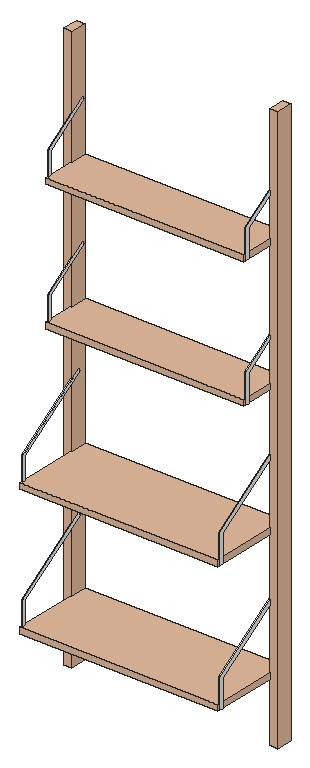
Revit family "SVALNAS1", category Furniture, Revit 2019
Family settings
  OmniClass Number = 23.40.20.00
  OmniClass Title = General Furniture and Specialties
  Work Plane-Based = No
  Always vertical = Yes
  Cut with Voids When Loaded = No
  Shared = No
  Room Calculation Point = No
Parameters
  www.revitwatch.com = ""
  Thikness = 18 mm
  Length = 660 mm
  L1 = 610 mm
  Height = 1760 mm
  H4 = 1400 mm
  H3 = 1000 mm
  H2 = 600 mm
  H1 = 200 mm
  Depth = 250 mm
  D = 150 mm
Reference planes
  plane 1 "Center (Front/Back)": y = 0
  plane 2: z = 0
  plane 3 "Center (Left/Right)": x = 0
  plane 4: x = -330
  plane 5: x = 330
  plane 6: y = -125
  plane 7: y = 125
  plane 8: z = 1760
  plane 9: z = 1400
  plane 10: z = 1000
  plane 11: z = 600
  plane 12: z = 200
  plane 13: y = 75
  plane 14: z = 1382
  plane 15: z = 982
  plane 16: z = 582
  plane 17: z = 182
  plane 18: y = -25
  plane 19: x = 305
  plane 20: x = -305
Forms (mm)
  Sweep 1, solid, material "Birch - Solid Natural Low Gloss"
    path origin (0, 0, 0) x (1, 0, 0) y (0, 0, 1)
      loop
        line (0, 1400) -> (0, 1382)
    profile origin (0, 0, 1391) x (0, -1, 0) y (1, 0, 0)
      loop
        line (-125, -305) -> (25, -305) -> (25, 305) -> (-125, 305) -> (-125, -305)
  Sweep 2, solid, material "Birch - Solid Natural Low Gloss"
    path origin (0, 0, 0) x (1, 0, 0) y (0, 0, 1)
      loop
        line (0, 1000) -> (0, 982)
    profile origin (0, 0, 991) x (0, -1, 0) y (1, 0, 0)
      loop
        line (-125, -305) -> (25, -305) -> (25, 305) -> (-125, 305) -> (-125, -305)
  Sweep 3, solid, material "Birch - Solid Natural Low Gloss"
    path origin (0, 0, 0) x (1, 0, 0) y (0, 0, 1)
      loop
        line (0, 600) -> (0, 582)
    profile origin (0, 0, 591) x (0, -1, 0) y (1, 0, 0)
      loop
        line (-125, -305) -> (125, -305) -> (125, 305) -> (-125, 305) -> (-125, -305)
  Sweep 4, solid, material "Birch - Solid Natural Low Gloss"
    path origin (0, 0, -200) x (1, 0, 0) y (0, 0, 1)
      loop
        line (0, 400) -> (0, 382)
    profile origin (0, 0, 191) x (0, -1, 0) y (1, 0, 0)
      loop
        line (-125, -305) -> (125, -305) -> (125, 305) -> (-125, 305) -> (-125, -305)
Dimensions and locks
  equal spacing: plane 6, plane 1 "Center (Front/Back)", plane 7
  equal spacing: plane 4, plane 3 "Center (Left/Right)", plane 5
  "Length": plane 4 to plane 5
  "Depth": plane 6 to plane 7
  "Height": plane 8 to level
  plane 7 to plane 13 = 50 mm
  "Thikness": plane 12 to plane 17
  "Thikness": plane 11 to plane 16
  "Thikness": plane 10 to plane 15
  "Thikness": plane 9 to plane 14
  "H1": plane 12 to level
  "H2": plane 11 to level
  "H3": plane 10 to level
  "H4": plane 9 to level
  "D": plane 7 to plane 18
  locked: plane 4 to plane 20 at 25
  locked: plane 19 to plane 5 at 25
  aligned and locked: level to plane 2
  aligned and locked: nested 1 to plane 7
  aligned and locked: nested 1 to plane 4
  aligned and locked: nested 2 to plane 7
  aligned and locked: plane 5 to nested 2
  aligned and locked: Sweep 1 sketch curve to plane 3 "Center (Left/Right)"
  aligned and locked: plane 9 to Sweep 1 sketch curve
  aligned and locked: plane 14 to Sweep 1 sketch curve
  aligned and locked: plane 7 to Sweep 1 sketch curve
  aligned and locked: Sweep 1 sketch curve to plane 19
  aligned and locked: plane 20 to Sweep 1 sketch curve
  aligned and locked: plane 18 to Sweep 1 sketch curve
  aligned and locked: plane 10 to Sweep 2 sketch curve
  aligned and locked: plane 15 to Sweep 2 sketch curve
  aligned and locked: Sweep 2 sketch curve to plane 3 "Center (Left/Right)"
  aligned and locked: plane 7 to Sweep 2 sketch curve
  aligned and locked: plane 20 to Sweep 2 sketch curve
  aligned and locked: plane 18 to Sweep 2 sketch curve
  aligned and locked: Sweep 2 sketch curve to plane 19
  aligned and locked: plane 11 to Sweep 3 sketch curve
  aligned and locked: plane 16 to Sweep 3 sketch curve
  aligned and locked: Sweep 3 sketch curve to plane 3 "Center (Left/Right)"
  aligned and locked: Sweep 3 sketch curve to plane 6
  aligned and locked: plane 20 to Sweep 3 sketch curve
  aligned and locked: plane 7 to Sweep 3 sketch curve
  aligned and locked: Sweep 3 sketch curve to plane 19
  aligned and locked: plane 17 to Sweep 4 sketch curve
  aligned and locked: plane 12 to Sweep 4 sketch curve
  aligned and locked: plane 7 to Sweep 4 sketch curve
  aligned and locked: plane 20 to Sweep 4 sketch curve
  aligned and locked: Sweep 4 sketch curve to plane 6
  aligned and locked: Sweep 4 sketch curve to plane 19
  aligned and locked: plane 17 to nested 3
  aligned and locked: plane 16 to nested 4
  aligned and locked: plane 14 to nested 6
  aligned and locked: plane 15 to nested 5
  aligned and locked: nested 4 to plane 20
  aligned and locked: nested 5 to plane 20
  aligned and locked: nested 3 to plane 20
  aligned and locked: nested 6 to plane 20
  aligned and locked: nested 10 to plane 19
  aligned and locked: nested 9 to plane 19
  aligned and locked: nested 8 to plane 19
  aligned and locked: nested 7 to plane 19
  aligned and locked: Sweep 4 to nested 7
  aligned and locked: Sweep 3 to nested 8
  aligned and locked: nested 9 to Sweep 2
  aligned and locked: nested 10 to Sweep 1
Automatic sketch dimensions
  Sweep 4 sketch curve to plane 3 "Center (Left/Right)" = 0 mm
Nested families
  nested 1: "SVALNAS-LEG" at (-317.5, 100, 0), type "SVALNAS-LEG"
  nested 2: "SVALNAS-LEG" at (317.5, 100, 0), type "SVALNAS-LEG"
  nested 3: "SVALNAS-HOLDER" at (-305, -24.575, 182), type "SVALNAS-HOLDER"
  nested 4: "SVALNAS-HOLDER" at (-305, -24.575, 582), type "SVALNAS-HOLDER"
  nested 5: "SVALNAS-HOLDER-150" at (-305, 75.425, 982), type "SVALNAS-HOLDER-150"
  nested 6: "SVALNAS-HOLDER-150" at (-305, 75.425, 1382), type "SVALNAS-HOLDER-150"
  nested 7: "SVALNAS-HOLDER" at (305, -24.575, 182) x (-1, 0, 0) z (0, 0, 1), type "SVALNAS-HOLDER"
  nested 8: "SVALNAS-HOLDER" at (305, -24.575, 582) x (-1, 0, 0) z (0, 0, 1), type "SVALNAS-HOLDER"
  nested 9: "SVALNAS-HOLDER-150" at (305, 75.425, 982) x (-1, 0, 0) z (0, 0, 1), type "SVALNAS-HOLDER-150"
  nested 10: "SVALNAS-HOLDER-150" at (305, 75.425, 1382) x (-1, 0, 0) z (0, 0, 1), type "SVALNAS-HOLDER-150"
Definition of nested family "SVALNAS-LEG"
  Parameters (values of type "SVALNAS-LEG")
    www.revitwatch.com = ""
    Length = 25 mm
    Height = 1760 mm
    Depth = 50 mm
  Reference planes
    plane 1 "Center (Front/Back)": y = 0
    plane 2: z = 0
    plane 3 "Center (Left/Right)": x = 0
    plane 4: x = -12.5
    plane 5: x = 12.5
    plane 6: y = -25
    plane 7: y = 25
    plane 8: z = 1760
  Forms (mm)
    Sweep 1, solid
      path origin (0, 0, 0) x (1, 0, 0) y (0, 0, 1)
        loop
          line (0, 1760) -> (0, 0)
      profile origin (0, 0, 880) x (0, -1, 0) y (1, 0, 0)
        loop
          line (-25, -12.5) -> (25, -12.5) -> (25, 12.5) -> (-25, 12.5) -> (-25, -12.5)
  Dimensions and locks
    equal spacing: plane 6, plane 1 "Center (Front/Back)", plane 7
    equal spacing: plane 4, plane 3 "Center (Left/Right)", plane 5
    "Length": plane 4 to plane 5
    "Depth": plane 6 to plane 7
    "Height": plane 8 to level
    aligned and locked: level to plane 2
    aligned and locked: Sweep 1 sketch curve to plane 3 "Center (Left/Right)"
    aligned and locked: plane 8 to Sweep 1 sketch curve
    aligned and locked: level to Sweep 1 sketch curve
    aligned and locked: plane 4 to Sweep 1 sketch curve
    aligned and locked: Sweep 1 sketch curve to plane 5
    aligned and locked: plane 7 to Sweep 1 sketch curve
    aligned and locked: Sweep 1 sketch curve to plane 6
Definition of nested family "SVALNAS-HOLDER"
  Parameters (values of type "SVALNAS-HOLDER")
    www.revitwatch.com = ""
    Length = 3 mm
    Height = 350 mm
    Depth = 200 mm
  Reference planes
    plane 1 "Center (Front/Back)": y = 0
    plane 2: z = 0
    plane 3 "Center (Left/Right)": x = 0
    plane 4: x = -1.5
    plane 5: x = 1.5
    plane 6: y = -100
    plane 7: y = 100
    plane 8: z = 350
  Forms (mm)
    Sweep 1, solid
      path origin (0, 0, 0) x (1, 0, 0) y (0, 1, 0)
        loop
          line (-1.5, 0) -> (1.5, 0)
      profile origin (0, 0, 0) x (0, 1, 0) y (0, 0, 1)
        loop
          line (-123.181, 235.643) -> (-128.484, 227.158) -> (82.5, 84.847) -> (82.5, 0) -> (92.5, 0) -> (92.5, 90.164) -> (-123.181, 235.643)
  Dimensions and locks
    equal spacing: plane 6, plane 1 "Center (Front/Back)", plane 7
    equal spacing: plane 4, plane 3 "Center (Left/Right)", plane 5
    "Length": plane 4 to plane 5
    "Depth": plane 6 to plane 7
    "Height": plane 8 to level
    aligned and locked: level to plane 2
    aligned and locked: plane 1 "Center (Front/Back)" to Sweep 1 sketch curve
    aligned and locked: plane 5 to Sweep 1 sketch curve
    aligned and locked: plane 4 to Sweep 1 sketch curve
  Automatic sketch dimensions
    Sweep 1 sketch curve to level = 0 mm
    profile plane to Sweep 1 sketch curve = 128.484 mm
    Sweep 1 sketch curve to Sweep 1 sketch curve = 5.302 mm
    Sweep 1 sketch curve to profile plane = 82.5 mm
    Sweep 1 sketch curve to Sweep 1 sketch curve = 10 mm
    level to Sweep 1 sketch curve = 84.847 mm
    Sweep 1 sketch curve to Sweep 1 sketch curve = 5.317 mm
    level to Sweep 1 sketch curve = 227.158 mm
    Sweep 1 sketch curve to Sweep 1 sketch curve = 8.486 mm
Definition of nested family "SVALNAS-HOLDER-150"
  Parameters (values of type "SVALNAS-HOLDER-150")
    www.revitwatch.com = ""
    Length = 3 mm
    Height = 350 mm
    Depth = 200 mm
  Reference planes
    plane 1 "Center (Front/Back)": y = 0
    plane 2: z = 0
    plane 3 "Center (Left/Right)": x = 0
    plane 4: x = -1.5
    plane 5: x = 1.5
    plane 6: y = -100
    plane 7: y = 100
    plane 8: z = 350
  Forms (mm)
    Sweep 1, solid
      path origin (0, 0, 0) x (1, 0, 0) y (0, 1, 0)
        loop
          line (-1.5, 0) -> (1.5, 0)
      profile origin (0, 0, 0) x (0, 1, 0) y (0, 0, 1)
        loop
          line (-40.227, 179.69) -> (-45.529, 171.204) -> (82.5, 84.847) -> (82.5, 0) -> (92.5, 0) -> (92.5, 90.164) -> (-40.227, 179.69)
  Dimensions and locks
    equal spacing: plane 6, plane 1 "Center (Front/Back)", plane 7
    equal spacing: plane 4, plane 3 "Center (Left/Right)", plane 5
    "Length": plane 4 to plane 5
    "Depth": plane 6 to plane 7
    "Height": plane 8 to level
    Sweep 1 sketch curve to Sweep 1 sketch curve = 160 mm
    aligned and locked: level to plane 2
    aligned and locked: plane 1 "Center (Front/Back)" to Sweep 1 sketch curve
    aligned and locked: plane 5 to Sweep 1 sketch curve
    aligned and locked: plane 4 to Sweep 1 sketch curve
  Automatic sketch dimensions
    Sweep 1 sketch curve to level = 0 mm
    profile plane to Sweep 1 sketch curve = 45.529 mm
    Sweep 1 sketch curve to Sweep 1 sketch curve = 5.302 mm
    Sweep 1 sketch curve to profile plane = 82.5 mm
    Sweep 1 sketch curve to Sweep 1 sketch curve = 10 mm
    level to Sweep 1 sketch curve = 84.847 mm
    Sweep 1 sketch curve to Sweep 1 sketch curve = 5.317 mm
    Sweep 1 sketch curve to Sweep 1 sketch curve = 8.486 mm
